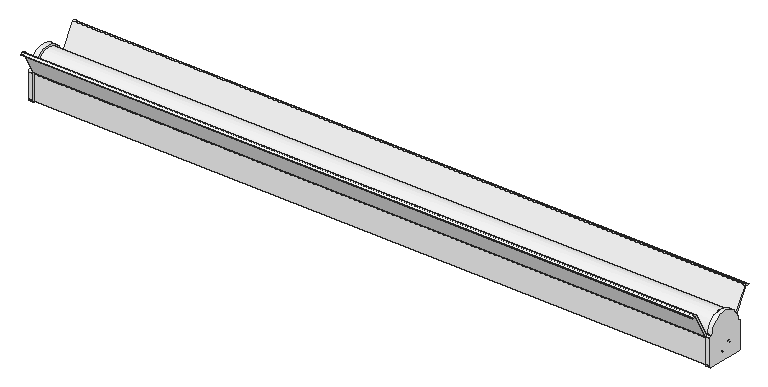
Revit family "0045184+0045233 Feilo Sylvania Lighting Fixture SYLBATTEN LED3 6000K TP3 with SYMMETRIC REFLECTOR ACCESSORY 1200MM", category Lighting Fixtures, host Face, Revit 2017
Family settings
  Host = Face
  Round Connector Dimension = Use Diameter
  Part Type = Normal
  OmniClass Number = 23.80.70.00
  OmniClass Title = Lighting
  Cut with Voids When Loaded = No
  Light Source = Yes
  Shared = No
  Room Calculation Point = No
Parameters (values of type "0045184 SYLBATTEN LED3 6000K TP3")
  Width_FEILO = 66 mm
  Weight = "2.55 kg"
  Wattage Comments = "n/a"
  Wattage = 26 W
  WarrantyStartDate [instance] = "n/a"
  WarrantyGuarantorParts = "n/a"
  WarrantyDurationUnit = "n/a"
  WarrantyDurationParts = "n/a"
  WarrantyDescription = "n/a"
  built-in parameter 1150110 = 1 (stored number, unit not read)
  Voltage = 230 V
  URL = "http://www.sylvania-lighting.com"
  TypeName = "SYLBATTEN LED3 6000K TP3"
  Type Image = <None>
  Type Comments = "n/a"
  built-in parameter 1114217 = 1 (stored number, unit not read)
  Tilt Angle = -90.00°
  built-in parameter 1150109 = 1 (stored number, unit not read)
  built-in parameter 1150134 = 5
  SymReflector_FEILO = yes
  built-in parameter 1150113 = 1 (stored number, unit not read)
  SerialNumber [instance] = "n/a"
  PowerFactor = 0
  PowerConsumption = "26 W"
  Photometric Web File = "0045184+0045233.ies"
  NominalLength = 1205 mm
  NominalHeight = 91 mm
  NominalDepth = 122 mm
  Name = "SYLBATTEN LED3 6000K TP3"
  ModelReference = Name  # "SYLBATTEN LED3 6000K TP3"
  ModelNumber = "0045184"
  Model = Name  # "SYLBATTEN LED3 6000K TP3"
  Material_4_FEILO = Reflector-Sylvania-Sylbatten-White
  Material_3_FEILO = Diffuser-Sylvania-Sylbatten-Glow
  Material_2_FEILO = Body-Sylvania-Sylbatten-White
  Material_1_FEILO = Body-Sylvania-Sylbatten-White
  Material = "sheet steel housing, polycarbonate diffuser"
  ManufacturerName = "Feilo Sylvania"
  Manufacturer = "Feilo Sylvania"
  LuminousEfficacy = "113 lm/W"
  built-in parameter 1150105 = 233.8 (stored number, unit not read)
  Lumens = 2938 lm
  LuminaireType = ""
  built-in parameter 1150115 = 1 (stored number, unit not read)
  LightOutputRatio = "100"
  built-in parameter 1150137 = (empty or 0)
  built-in parameter 1150139 = (empty or 0)
  Length_FEILO = 1205 mm
  LampsType = Lamp  # "LED"
  LampNominalLuminous = "2938 lm"
  LampMacAdamStep = "n/a"
  LampColourTemperature = "6000 K"
  LampColourRenderingIndex = "80"
  built-in parameter 1150112 = 1 (stored number, unit not read)
  built-in parameter 1150114 = 1 (stored number, unit not read)
  Lamp = "LED"
  Keynote = "16500"
  InstallationDate [instance] = "n/a"
  InputVoltage = "220-240V~"
  InputNominalFrequency = "n/a"
  built-in parameter 1150132 = (empty or 0)
  built-in parameter 1150102 = (empty or 0)
  built-in parameter 1150107 = 6000 (stored number, unit not read)
  built-in parameter 1150138 = (empty or 0)
  IngressProtection = "IP20"
  ImpactProtectionIndex = "IK07"
  built-in parameter 1150106 = 2.338 (stored number, unit not read)
  IfcExportType = "IfcLightFixtureType"
  IfcExportAs = "IfcLightFixtureType"
  Height_FEILO = 76 mm
  ExpectedLife = 50000
  Emit from Rectangle Width = Length_FEILO - 16 mm  # 1189 mm
  Emit from Rectangle Length = Width_FEILO - 40 mm  # 26 mm
  Emit Shape Visible in Rendering = no
  ElectricShockClassification = "Class I"
  built-in parameter 1150104 = 10.498 (stored number, unit not read)
  DurationUnit = "hours"
  DocumentationLiterature = "http://www.sylvania-lighting.com/product/en-int/products/0045184"
  DimmingControlOptions = "n/a"
  Dimming Lamp Color Temperature Shift = <None>
  Description = "LED batten, T8 replacement, ease of installation through 2 part push-in design of the housing (safety cable included), through wiring capability (TP3 = 3 core), sheet steel, 2938LM, 26W, 113lm/W, 6000K, drive current: 350mA, CRI 80, 138° wide beam angle, electronic driver (non dimmable), IP20, IK07, 50,000 hrs (L70), (LxWxH) 1205x66x76mm, 5 step MacAdam ellipse, 3kg, white RAL 9016, Class 1, 220-240V, energy class: A++, A+, A."
  Default Elevation = 1219.2 mm
  CreatedOn = "1/25/2018"
  CreatedBy = ""
  Cost = 0
  Color Filter = 16777215
  built-in parameter 1114216 [instance] = (empty or 0)
  ClassificationValue = "EF_70_80"
  ClassificationName = "Uniclass2015"
  CapOffset_FEILO = 2 mm
  BarCode [instance] = "n/a"
  built-in parameter 1114218 = 1 (stored number, unit not read)
  BackReflector_FEILO = and(not(AsymReflector_FEILO), SymReflector_FEILO)  # yes
  built-in parameter 1150133 = 10 (stored number, unit not read)
  FrontReflector_FEILO = or(AsymReflector_FEILO, SymReflector_FEILO)  # yes
  AsymReflector_FEILO = no
  AssetType = "Fixed"
  AssetIdentifier [instance] = "n/a"
  Assembly Code = "D5020200"
  Apparent Load = 26 VA
Reference planes
  plane 1 "Center (Front/Back)": y = 0
  plane 2: z = 0
  plane 3 "Center (Left/Right)": x = 0
  plane 4: x = 602.5
  plane 5: x = -602.5
  plane 6: y = 33
  plane 7: y = -33
  plane 8: z = 76
  plane 9: z = 47
  plane 10: y = -29
  plane 11: y = 29
  plane 12: z = 20
  plane 13: z = 74
  plane 14: y = -31
  plane 15: y = -27
  plane 16: y = 27
  plane 17: y = 31
  plane 18: z = 2
  plane 19: x = -594.5
  plane 20: x = 594.5
  plane 21: z = 49
  plane 22: y = 1
  plane 23: y = -1
  plane 24: z = 21
  plane 25: z = 19
  plane 26: y = -61
  plane 27: y = 61
  plane 28: y = -56
  plane 29: y = 56
  plane 30: z = 91
  plane 31: z = 88
Forms (mm)
  Extrusion 1, solid, material "Body-Sylvania-Sylbatten-White" <- "Material_2_FEILO"
    sketch origin (0, 0, 0) x (0, 1, 0) y (0, 0, 1)
      loop
        line (-31, 2) -> (31, 2) -> (31, 45)
        arc (31, 45) -> (30.414, 46.414) -> (29, 47) r 2
        line (29, 47) -> (27, 47)
        arc (27, 47) -> (0, 74) -> (-27, 47) r 27
        line (-27, 47) -> (-29, 47)
        arc (-29, 47) -> (-30.414, 46.414) -> (-31, 45) r 2
        line (-31, 45) -> (-31, 2)
    from -594.5 to 594.5
  Extrusion 2, solid, material "Body-Sylvania-Sylbatten-White" <- "Material_2_FEILO"
    sketch origin (602.5, 1524, 1219.2) x (0, 1, 0) y (0, 0, 1)
      loop
        arc (-1494, -1219.2) -> (-1491.879, -1218.321) -> (-1491, -1216.2) r 3
        line (-1491, -1216.2) -> (-1491, -1173.2)
        arc (-1491, -1173.2) -> (-1491.879, -1171.079) -> (-1494, -1170.2) r 3
        line (-1494, -1170.2) -> (-1495.069, -1170.2)
        arc (-1495.069, -1170.2) -> (-1524, -1143.2) -> (-1552.931, -1170.2) r 29
        line (-1552.931, -1170.2) -> (-1554, -1170.2)
        arc (-1554, -1170.2) -> (-1556.121, -1171.079) -> (-1557, -1173.2) r 3
        line (-1557, -1173.2) -> (-1557, -1216.2)
        arc (-1557, -1216.2) -> (-1556.121, -1218.321) -> (-1554, -1219.2) r 3
        line (-1554, -1219.2) -> (-1494, -1219.2)
      loop
        arc (-1525, -1189.25) -> (-1531.071, -1192.129) -> (-1533.95, -1198.2) r 10
        line (-1533.95, -1198.2) -> (-1532.944, -1198.2)
        arc (-1532.944, -1198.2) -> (-1530.364, -1192.836) -> (-1525, -1190.256) r 9
        line (-1525, -1190.256) -> (-1525, -1189.25)
      loop
        arc (-1523, -1190.256) -> (-1517.636, -1192.836) -> (-1515.056, -1198.2) r 9
        line (-1515.056, -1198.2) -> (-1514.05, -1198.2)
        arc (-1514.05, -1198.2) -> (-1516.929, -1192.129) -> (-1523, -1189.25) r 10
        line (-1523, -1189.25) -> (-1523, -1190.256)
      loop
        line (-1532.944, -1200.2) -> (-1533.95, -1200.2)
        arc (-1533.95, -1200.2) -> (-1531.071, -1206.271) -> (-1525, -1209.15) r 10
        line (-1525, -1209.15) -> (-1525, -1208.144)
        arc (-1525, -1208.144) -> (-1530.364, -1205.564) -> (-1532.944, -1200.2) r 9
      loop
        arc (-1515.056, -1200.2) -> (-1517.636, -1205.564) -> (-1523, -1208.144) r 9
        line (-1523, -1208.144) -> (-1523, -1209.15)
        arc (-1523, -1209.15) -> (-1516.929, -1206.271) -> (-1514.05, -1200.2) r 10
        line (-1514.05, -1200.2) -> (-1515.056, -1200.2)
    from 0 to -8
  Extrusion 3, solid, material "Body-Sylvania-Sylbatten-White" <- "Material_2_FEILO"
    sketch origin (-602.5, 1524, 1219.2) x (0, 1, 0) y (0, 0, 1)
      loop
        arc (-1495.069, -1170.2) -> (-1524, -1143.2) -> (-1552.931, -1170.2) r 29
        line (-1552.931, -1170.2) -> (-1554, -1170.2)
        arc (-1554, -1170.2) -> (-1556.121, -1171.079) -> (-1557, -1173.2) r 3
        line (-1557, -1173.2) -> (-1557, -1216.2)
        arc (-1557, -1216.2) -> (-1556.121, -1218.321) -> (-1554, -1219.2) r 3
        line (-1554, -1219.2) -> (-1494, -1219.2)
        arc (-1494, -1219.2) -> (-1491.879, -1218.321) -> (-1491, -1216.2) r 3
        line (-1491, -1216.2) -> (-1491, -1173.2)
        arc (-1491, -1173.2) -> (-1491.879, -1171.079) -> (-1494, -1170.2) r 3
        line (-1494, -1170.2) -> (-1495.069, -1170.2)
      loop
        line (-1533.95, -1198.2) -> (-1532.944, -1198.2)
        arc (-1532.944, -1198.2) -> (-1530.364, -1192.836) -> (-1525, -1190.256) r 9
        line (-1525, -1190.256) -> (-1525, -1189.25)
        arc (-1525, -1189.25) -> (-1531.071, -1192.129) -> (-1533.95, -1198.2) r 10
      loop
        line (-1523, -1189.25) -> (-1523, -1190.256)
        arc (-1523, -1190.256) -> (-1517.636, -1192.836) -> (-1515.056, -1198.2) r 9
        line (-1515.056, -1198.2) -> (-1514.05, -1198.2)
        arc (-1514.05, -1198.2) -> (-1516.929, -1192.129) -> (-1523, -1189.25) r 10
      loop
        line (-1514.05, -1200.2) -> (-1515.056, -1200.2)
        arc (-1515.056, -1200.2) -> (-1517.636, -1205.564) -> (-1523, -1208.144) r 9
        line (-1523, -1208.144) -> (-1523, -1209.15)
        arc (-1523, -1209.15) -> (-1516.929, -1206.271) -> (-1514.05, -1200.2) r 10
      loop
        line (-1525, -1209.15) -> (-1525, -1208.144)
        arc (-1525, -1208.144) -> (-1530.364, -1205.564) -> (-1532.944, -1200.2) r 9
        line (-1532.944, -1200.2) -> (-1533.95, -1200.2)
        arc (-1533.95, -1200.2) -> (-1531.071, -1206.271) -> (-1525, -1209.15) r 10
    from 0 to 8
  Extrusion 4, solid, material "Reflector-Sylvania-Sylbatten-White" <- "Material_4_FEILO", visible <- "FrontReflector_FEILO"
    sketch origin (0, 0, 0) x (0, 1, 0) y (0, 0, 1)
      loop
        line (-61.257, 88.429) -> (-60.743, 87.571) -> (-56.621, 90.044)
        arc (-56.621, 90.044) -> (-56.237, 90.099) -> (-55.929, 89.863) r 0.5
        line (-55.929, 89.863) -> (-31.435, 46.753) -> (-30.565, 47.247) -> (-55.312, 90.802)
        arc (-55.312, 90.802) -> (-55.928, 91.275) -> (-56.696, 91.165) r 1
        line (-56.696, 91.165) -> (-61.257, 88.429)
    from -594.5 to 594.5
  Extrusion 5, solid, material "Reflector-Sylvania-Sylbatten-White" <- "Material_4_FEILO", visible <- "BackReflector_FEILO"
    sketch origin (0, 0, 0) x (0, 1, 0) y (0, 0, 1)
      loop
        line (30.565, 47.247) -> (31.435, 46.753) -> (55.932, 89.868)
        arc (55.932, 89.868) -> (56.245, 90.112) -> (56.638, 90.062) r 0.518
        line (56.638, 90.062) -> (61.033, 87.565) -> (61.527, 88.435) -> (56.682, 91.188)
        arc (56.682, 91.188) -> (55.922, 91.282) -> (55.318, 90.812) r 1
        line (55.318, 90.812) -> (30.565, 47.247)
    from -594.5 to 594.5
Lines and regions (mm)
  reference lines
    curve 1: line (0, -61, 88) -> (0, -56, 91)
    curve 2: line (0, -56, 91) -> (0, -31, 47)
    curve 3: line (0, 31, 47) -> (0, 56, 91)
    curve 4: line (0, 56, 91) -> (0, 61.28, 88)
Dimensions and locks
  equal spacing: plane 5, plane 3 "Center (Left/Right)", plane 4
  equal spacing: plane 7, plane 1 "Center (Front/Back)", plane 6
  "Width_FEILO": plane 7 to plane 6
  "Length_FEILO": plane 5 to plane 4
  "Height_FEILO": plane 8 to plane 2
  locked: plane 9 to plane 8 at 29
  equal spacing: plane 10, plane 1 "Center (Front/Back)", plane 11
  locked: plane 7 to plane 10 at 4
  locked: plane 12 to plane 2 at 20
  "CapOffset_FEILO": plane 13 to plane 8
  "CapOffset_FEILO": plane 7 to plane 14
  "CapOffset_FEILO": plane 10 to plane 15
  "CapOffset_FEILO": plane 17 to plane 6
  "CapOffset_FEILO": plane 16 to plane 11
  "CapOffset_FEILO": plane 18 to plane 2
  locked: plane 14 to Extrusion 1 sketch curve at 2
  locked: Extrusion 1 sketch curve to plane 9 at 2  (x2)
  locked: plane 16 to Extrusion 1 sketch curve at 2
  equal spacing: plane 19, plane 3 "Center (Left/Right)", plane 20
  locked: plane 5 to plane 19 at 8
  "CapOffset_FEILO": plane 9 to plane 21
  locked: Extrusion 2 sketch curve to plane 2 at 47
  locked: Extrusion 1 sketch curve to plane 2 at 47
  locked: Extrusion 2 sketch curve to plane 2 at 3  (x2)
  locked: plane 7 to Extrusion 2 sketch curve at 3  (x2)
  locked: Extrusion 2 sketch curve to plane 6 at 3  (x2)
  locked: Extrusion 2 sketch curve to plane 21 at 3  (x2)
  equal spacing: plane 23, plane 1 "Center (Front/Back)", plane 22
  equal spacing: plane 25, plane 12, plane 24
  plane 30 to plane 31 to plane 2 = 3 mm locked, 88 mm locked
  plane 28 to plane 29 = 112 mm
  plane 26 to plane 27 = 122 mm
  aligned and locked: plane 2 to host face
  aligned and locked: level to host face
  aligned and locked: plane 18 to Extrusion 1 sketch curve
  aligned and locked: plane 14 to Extrusion 1 sketch curve
  aligned and locked: Extrusion 1 sketch curve to plane 9  (x2)
  aligned and locked: Extrusion 1 sketch curve to plane 17
  aligned and locked: plane 15 to Extrusion 1 sketch curve
  aligned and locked: plane 16 to Extrusion 1 sketch curve
  aligned and locked: plane 9 to Extrusion 1 sketch curve
  aligned and locked: plane 20 to Extrusion 1
  aligned and locked: level to Extrusion 2 sketch curve
  aligned and locked: Extrusion 2 sketch curve to plane 7
  aligned and locked: plane 21 to Extrusion 2 sketch curve
  aligned and locked: Extrusion 2 sketch curve to plane 21
  aligned and locked: plane 1 "Center (Front/Back)" to Extrusion 2 sketch curve  (x3)
  aligned and locked: Extrusion 2 to Extrusion 1
  aligned and locked: plane 4 to Extrusion 2
  aligned and locked: plane 12 to Extrusion 2 sketch curve  (x2)
  aligned and locked: Extrusion 2 sketch curve to plane 22
  aligned and locked: Extrusion 2 sketch curve to plane 23
  aligned and locked: Extrusion 2 sketch curve to plane 24
  aligned and locked: Extrusion 2 sketch curve to plane 25
  aligned and locked: plane 25 to Extrusion 2 sketch curve
  aligned and locked: plane 22 to Extrusion 2 sketch curve
  aligned and locked: plane 24 to Extrusion 2 sketch curve
  aligned and locked: plane 23 to Extrusion 2 sketch curve  (x2)
  aligned and locked: Extrusion 3 sketch curve to Extrusion 2  (x22)
  aligned and locked: Extrusion 3 to Extrusion 1
  aligned and locked: Extrusion 3 to plane 5
  aligned and locked: plane 19 to Extrusion 3
  aligned and locked: plane 31 to curve 1
  aligned and locked: plane 30 to curve 1
  aligned and locked: plane 14 to curve 2
  aligned and locked: plane 9 to curve 2
  aligned and locked: plane 17 to curve 3
  aligned and locked: plane 30 to curve 3
  aligned and locked: plane 31 to curve 4
  aligned and locked: Extrusion 4 sketch curve to curve 2
  aligned and locked: Extrusion 4 sketch curve to curve 1
  aligned and locked: Extrusion 4 to Extrusion 1
  aligned and locked: Extrusion 1 to Extrusion 4
  aligned and locked: imposter light to plane 1 "Center (Front/Back)"
  aligned and locked: imposter light to plane 3 "Center (Left/Right)"
  aligned and locked: imposter light to plane 13
  aligned and locked: Extrusion 5 sketch curve to curve 4
  aligned and locked: Extrusion 5 sketch curve to curve 3
  aligned and locked: Extrusion 1 to Extrusion 5
  aligned and locked: Extrusion 5 to Extrusion 1
Automatic sketch dimensions
  host sketch curve to host sketch curve = 2438.4 mm  (x2)
  Extrusion 2 sketch curve to Extrusion 2 sketch curve = 0 mm  (x14)
  Extrusion 2 sketch curve to plane 10 = 0.069 mm
  plane 23 to Extrusion 2 sketch curve = 8.95 mm
  Extrusion 2 sketch curve to Extrusion 2 sketch curve = 1.006 mm  (x4)
  Extrusion 2 sketch curve to plane 22 = 7.944 mm
  curve 1 to plane 26 = 0 mm
  curve 2 to plane 28 = 0 mm
  curve 4 to plane 29 = 0 mm
  plane 9 to curve 3 = 0 mm
  plane 26 to Extrusion 4 sketch curve = 0.257 mm
  Extrusion 4 sketch curve to plane 26 = 0.257 mm
  Extrusion 4 sketch curve to plane 30 = 0.165 mm
  plane 28 to Extrusion 4 sketch curve = 0.696 mm
  plane 28 to Extrusion 4 sketch curve = 0.621 mm
  plane 28 to Extrusion 4 sketch curve = 0.364 mm
  plane 28 to Extrusion 4 sketch curve = 0.182 mm
  Extrusion 4 sketch curve to plane 28 = 0.071 mm
  plane 30 to Extrusion 4 sketch curve = 0.198 mm
  Extrusion 4 sketch curve to plane 28 = 0.688 mm
  plane 9 to Extrusion 4 sketch curve = 0.247 mm
  plane 1 "Center (Front/Back)" to Extrusion 4 sketch curve = 31.435 mm
  Extrusion 5 sketch curve to plane 9 = 0.247 mm
  Extrusion 5 sketch curve to plane 1 "Center (Front/Back)" = 30.565 mm
  plane 9 to Extrusion 5 sketch curve = 0.247 mm
  plane 30 to Extrusion 5 sketch curve = 0.188 mm
  plane 29 to Extrusion 5 sketch curve = 0.068 mm
  Extrusion 5 sketch curve to plane 29 = 0.188 mm
  Extrusion 5 sketch curve to plane 29 = 0.382 mm
  Extrusion 5 sketch curve to Extrusion 5 sketch curve = 0.256 mm
  Extrusion 5 sketch curve to plane 30 = 0.188 mm
  Extrusion 5 sketch curve to plane 29 = 0.682 mm
  Extrusion 5 sketch curve to plane 27 = 0.033 mm
  Extrusion 5 sketch curve to plane 27 = 0.527 mm
Connectors
  electrical at (0, 0, 0), driven by "Apparent Load", driven by "PowerFactor", driven by "Voltage"
    settings: index 1, voltage 230 V, apparent load 26 VA, apparent load phase1 0 VA, apparent load phase2 0 VA, apparent load phase3 0 VA, power factor 0, load classification "Lighting", number of poles 1, system type 30, power factor state 1, is connector primary yes, connector utility no, sub classification motor no, connector description ""
